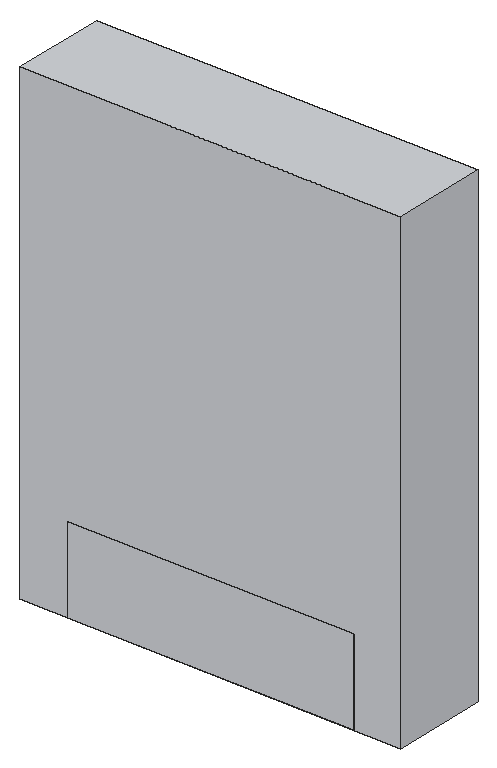
Revit family "KC Wall Heater 240V", category Mechanical Equipment, Revit 2027
Family settings
  Round Connector Dimension = Use Diameter
  Part Type = Normal
  Work Plane-Based = No
  Always vertical = Yes
  Cut with Voids When Loaded = No
  Maintain Annotation Orientation = No
  Shared = No
  Room Calculation Point = No
Parameters (values of type "1500W 240V fan-forced wall heater, built-in thermostat - PLACEHOLDER")
  Type Comments = "Placeholder: 1.5 kW 240 V fan-forced wall heater with built-in thermostat (set 18 C). Replace with listed manufacturer family."
  Default Elevation = 0 mm
Reference planes
  plane 1 "Center (Front/Back)": y = 0
  plane 2: z = 0
  plane 3 "Center (Left/Right)": x = 0
Forms (mm)
  Extrusion 1, solid
    sketch origin (0, 0, 0) x (1, 0, 0) y (0, 1, 0)
      loop
        line (-150, 0) -> (150, 0) -> (150, 100) -> (-150, 100) -> (-150, 0)
    from 0 to 90
  Extrusion 2, solid
    sketch origin (0, 0, 0) x (1, 0, 0) y (0, 1, 0)
      loop
        line (-200, 0) -> (200, 0) -> (200, 100) -> (-200, 100) -> (-200, 0)
    from 0 to 500
Dimensions and locks
  aligned and locked: level to plane 2
Connectors
  electrical at (0, 50, 90)
    settings: on Extrusion 1, index 1, voltage 240 V, apparent load 1500 VA, apparent load phase1 750 VA, apparent load phase2 750 VA, apparent load phase3 0 VA, power factor 1, load classification "Other", number of poles 2, system type 6, power factor state 1, is connector primary yes, connector utility no, sub classification motor no, connector description ""
